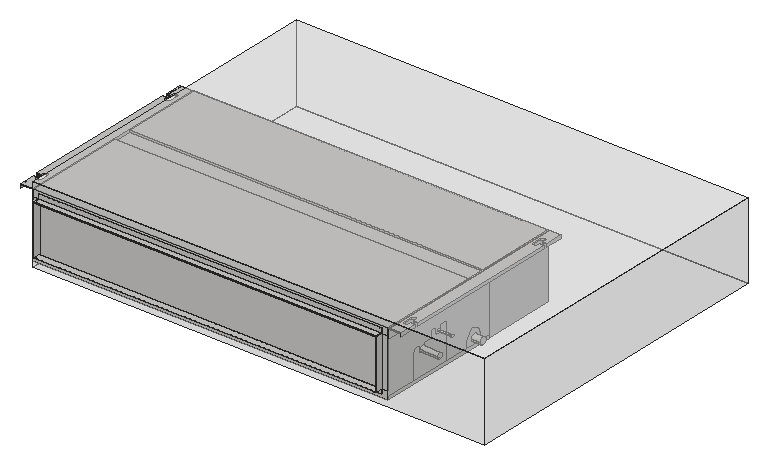
Revit family "outputfile", category 機械設備, Revit 2024
Family settings
  丸型コネクタ寸法 = 半径を使用
  パーツ タイプ = 標準
  OmniClass 番号 = 23.75.10.24.21.27.27
  OmniClass タイトル = Split System Air Conditioning Units
  作業面ベース = いいえ
  常に垂直 = はい
  ロード時にボイドで切り取り = いいえ
  注釈の向きを維持 = いいえ
  共有 = いいえ
  部屋計算ポイント = はい
Parameters (values of type "CDXM71RVM4")
  Description = ""
  書き出し IFC クラス(タイプ) = "IfcUnitaryEquipmentType"
  定義済み IFC タイプ(タイプ) = "AIRCONDITIONINGUNIT"
  Cost = 0
  Type Comments = ""
  Keynote = ""
  Type Image = (empty or 0)
  Assembly Code = ""
  switch_frequency = yes
  ld_powersupply = Depth / 2  # 310.0 mm
  製造元 = "Daikin"
  モデル = "CDXM71RVM4"
  r_Liquid Pipe Size = Liquid Pipe Size / 2  # 3.2 mm
  r_Gas Pipe Size = Gas Pipe Size / 2  # 7.95 mm
  r_Drain Pipe Size = Drain Pipe Size / 2  # 10.0 mm
  lw_powersupply = 50.0 mm  # constant formula
  lw_ductflange2 = 1020.0 mm
  lw_Width = 1060.0 mm
  lh_suctionflange [instance] = 100.0 mm  # constant formula
  ld_suctionflange [instance] = if(Rear Connection_Return Air, 190.0 mm, 100.0 mm)  # 190.0 mm
  connector_voltage = Voltage_50Hz  # 230 V
  connector_powerinput = if([Power Input (Cooling)] > [Power Input (Heating)], [Power Input (Cooling)], [Power Input (Heating)])  # 0.000 kW
  connector_phase = Phase_50Hz  # 1
  angle_vertical_RA [instance] = if(Rear Connection_Return Air, 90.00°, 0.00°)  # 90.00°
  angle horizontal_RA [instance] = if(Rear Connection_Return Air, 180.00°, 270.00°)  # 180.00°
  Voltage_comment_50Hz = "220 - 240"
  Voltage_50Hz = 230 V
  URL = ""
  Supply Air Direction [instance] = yes
  Sound Power Level_H speed (dB) = 0
  Rear Connection_Return Air [instance] = not(Bottom Connection_Return Air)  # yes
  RA_length [instance] = if(Rear Connection_Return Air, 190.0 mm, 100.0 mm)  # 190.0 mm
  Phase_50Hz = 1
  Minimum External Static Pressure = 0.00 Pa
  Minimum Circuit Amps_50Hz = 0.0 A
  Maximum Fuse Amps_50Hz = 0.0 A
  Maximum External Static Pressure = 40.00 Pa
  Material_Casing = DAIKIN_GalvanizedSteel_Casing_indoorunit
  lw_liquidpipe = 46.0 mm  # constant formula
  lw_gaspipe = 57.0 mm  # constant formula
  lw_mountinghole = 1140.0 mm
  lw_drainpipe = 30.0 mm  # constant formula
  lh_powersupply = 150.0 mm  # constant formula
  lh_liquidpipe = 90.0 mm  # constant formula
  lh_gaspipe = 113.0 mm  # constant formula
  lh_mountinghole = Height  # 200.0 mm
  lh_drainpipe = 170.0 mm  # constant formula
  lh_antena = 1.0 mm  # constant formula
  ld_liquidpipe = 193.0 mm  # constant formula
  ld_gaspipe = 130.0 mm  # constant formula
  ld_mountinghole = 500.0 mm  # constant formula
  ld_drainpipe = 330.0 mm  # constant formula
  ld_controlbox = 626.0 mm  # constant formula
  h*** = 0.0 mm  # constant formula
  d_dischargeflange = 21.2 mm  # constant formula
  Width = 1100.0 mm
  Version = "ver.1.0"
  Unit Type = "Duct (L.S.P)"
  Unit Mass Weight = 30.00 kg
  Unit Designation [instance] = ""
  Uniclass2015Version = "Products v1.30"
  Uniclass2015Title = "Split coil room air conditioning units"
  Uniclass2015Code = "Pr_70_65_03_86"
  Total Heating Capacity [instance] = 0.000 kW
  Total Cooling Capacity [instance] = 0.000 kW
  Sound Pressure Level_M speed (dBA) = 36
  Sound Pressure Level_L speed (dBA) = 34
  Sound Pressure Level_H speed (dBA) = 38
  Series = "Multi Split_Fan Coil Unit"
  Sensible Cooling Capacity [instance] = 0.000 kW
  SA Duct Size Width = 1060.0 mm
  SA Duct Size Height = 153.0 mm
  Refrigerant Type = "R32"
  RA Duct Size Width = 980.0 mm
  RA Duct Size Height = 160.0 mm
  Power Input (Heating) = 0.000 kW
  Power Input (Cooling) = 0.000 kW
  Option Accessory 3 [instance] = ""
  Option Accessory 2 [instance] = ""
  Option Accessory 1 [instance] = ""
  Nominal Heating Capacity = 8.600 kW
  Nominal Cooling Capacity = 7.100 kW
  Minimum Airflow = 810.00 m³/h
  Median Airflow = 888.00 m³/h
  Maximum Airflow = 960.00 m³/h
  Load Classification = HVAC
  Liquid Pipe Size = 6.4 mm
  Link_Nested Family [instance] = ""
  IfcVersion = ""
  IfcExportType = "AIRCONDITIONINGUNIT"
  IfcExportAs = "IfcUnitaryEquipmentType"
  Height = 200.0 mm
  Heating Entering Wet Bulb Temperature [instance] = 0.00 °C
  Heating Entering Dry Bulb Temperature [instance] = 0.00 °C
  Heating Ambient Wet Bulb Temperature [instance] = 0.00 °C
  Heating Ambient Dry Bulb Temperature [instance] = 0.00 °C
  Heat Exchanger Type = "Cross Fin Coil"
  Gas Pipe Size = 15.9 mm
  Frequency_50Hz = 50 Hz
  Fan Type = "Sirocco Fan"
  Fan Drive = "Direct Drive"
  FCU Tag No. [instance] = ""
  Drain Pipe Size = 20.0 mm
  Design Supply Airflow [instance] = 0.00 m³/h
  Design Return Airflow [instance] = 0.00 m³/h
  Design External Static Pressure [instance] = 0.00 Pa
  Depth = 620.0 mm
  既定の高さ = 0.0 mm
  Cooling Entering Wet Bulb Temperature [instance] = 0.00 °C
  Cooling Entering Dry Bulb Temperature [instance] = 0.00 °C
  Cooling Ambient Wet Bulb Temperature [instance] = 0.00 °C
  Cooling Ambient Dry Bulb Temperature [instance] = 0.00 °C
  Clearance visibility [instance] = yes
  Clearance Top = 20.0 mm
  Clearance Right = 300.0 mm
  Clearance Rear = 400.0 mm
  Clearance Left = 0.0 mm
  Clearance Front = 0.0 mm
  Clearance Bottom = 20.0 mm
  Bottom Connection_Return Air [instance] = no
Reference planes
  plane 1 "Center (Front/Back)": y = 0
  plane 2: z = 0
  plane 3 "Center (Left/Right)": x = 0
  plane 4 "Back": y = 310
  plane 5 "Front": y = -310
  plane 6 "Left": x = -550
  plane 7 "Right": x = 550
  plane 8 "Top": z = 0
  plane 9 "Bottom": z = -200
  plane 10: x = -570
  plane 11: x = 570
  plane 12: y = 250
  plane 13: z = 0
  plane 14 "Clearance Left": x = -550
  plane 15 "Clearance Right": x = 850
  plane 16 "Clearance Rear": y = 710
  plane 17 "Clearance Front": y = -310
  plane 18 "Clearance Top": z = 20
  plane 19 "Clearance Bottom": z = -220
  plane 20: y = -250
  plane 21: z = -21
  plane 22: z = -97.5
  plane 23: x = -40
  plane 24: y = 120
  plane 25: z = -100
  plane 26: y = -180
  plane 27: z = -113
  plane 28: y = -117
  plane 29: z = -90
  plane 30: y = 20
  plane 31: z = -170
  plane 32: x = 607
  plane 33: x = 596
  plane 34: x = 580
  plane 35: x = 500
  plane 36: z = -150
Forms (mm)
  Extrusion 1, solid, material "DAIKIN_GalvanizedSteel_Casing_indoorunit" <- "Material_Casing"
    sketch origin (0, 0, 0) x (1, 0, 0) y (0, 1, 0)
      loop
        line (-550, -310) -> (550, -310) -> (550, 310) -> (-550, 310) -> (-550, -310)
    from -200 to 0
  Extrusion 2, void
    sketch origin (0, 0, 1) x (1, 0, 0) y (0, 1, 0)
      loop
        line (-550, 61.5) -> (-550, 3.5) -> (550, 3.5) -> (550, 61.5) -> (-550, 61.5)
    from -1 to -7
  Extrusion 3, solid, material "DAIKIN_GalvanizedSteel_Casing_indoorunit" <- "Material_Casing", visible <- "Bottom Connection_Return Air"
    sketch origin (0, 0, 0) x (1, 0, 0) y (0, 0, 1)
      loop
        line (469, -200) -> (469, -1) -> (-549, -1) -> (-549, -200) -> (469, -200)
    from -310 to -309
  Extrusion 4, solid, material "DAIKIN_GalvanizedSteel_Casing_indoorunit" <- "Material_Casing", visible <- "Rear Connection_Return Air"
    sketch origin (0, 0, 0) x (1, 0, 0) y (0, 1, 0)
      loop
        line (-549, 310) -> (-549, 111) -> (469, 111) -> (469, 310) -> (-549, 310)
    from -200 to -199
  Extrusion 5, solid, material "DAIKIN_GalvanizedSteel_Casing_indoorunit" <- "Material_Casing"
    sketch origin (550, 0, 0) x (0, 1, 0) y (0, 0, 1)
      loop
        circle (-180, -113) r 7.95
    from 0 to 57
  Extrusion 6, solid, material "DAIKIN_GalvanizedSteel_Casing_indoorunit" <- "Material_Casing"
    sketch origin (550, 0, 0) x (0, 1, 0) y (0, 0, 1)
      loop
        circle (-117, -90) r 3.2
    from 0 to 46
  Extrusion 7, solid, material "DAIKIN_GalvanizedSteel_Casing_indoorunit" <- "Material_Casing"
    sketch origin (550, 0, 0) x (0, 1, 0) y (0, 0, 1)
      loop
        circle (20, -170) r 10
    from 0 to 30
  Extrusion 8, solid, material "DAIKIN_GalvanizedSteel_Casing_indoorunit" <- "Material_Casing"
    sketch origin (550, 0, 0) x (0, 1, 0) y (0, 0, 1)
      loop
        line (-310, -200) -> (78.6, -200) -> (78.6, -193)
        arc (78.6, -193) -> (77.721, -190.879) -> (75.6, -190) r 3
        line (75.6, -190) -> (-310, -190) -> (-310, -200)
    from 0 to -1
  Extrusion 9, solid, material "DAIKIN_GalvanizedSteel_Casing_indoorunit" <- "Material_Casing"
    sketch origin (550, 0, 0) x (0, 1, 0) y (0, 0, 1)
      loop
        line (-210, -190) -> (-85.6, -190) -> (-85.6, -83)
        arc (-85.6, -83) -> (-86.479, -80.879) -> (-88.6, -80) r 3
        line (-88.6, -80) -> (-102, -80)
        arc (-102, -80) -> (-104.121, -80.879) -> (-105, -83) r 3
        line (-105, -83) -> (-105, -90)
        arc (-105, -90) -> (-117, -102) -> (-129, -90) r 12
        line (-129, -90) -> (-129, -83)
        arc (-129, -83) -> (-129.879, -80.879) -> (-132, -80) r 3
        line (-132, -80) -> (-136.1, -80)
        arc (-136.1, -80) -> (-138.221, -80.879) -> (-139.1, -83) r 3
        line (-139.1, -83) -> (-139.1, -102.7) -> (-165, -102.7)
        arc (-165, -102.7) -> (-167.121, -103.579) -> (-168, -105.7) r 3
        line (-168, -105.7) -> (-168, -113)
        arc (-168, -113) -> (-180, -125) -> (-192, -113) r 12
        line (-192, -113) -> (-192, -105.7)
        arc (-192, -105.7) -> (-192.879, -103.579) -> (-195, -102.7) r 3
        line (-195, -102.7) -> (-207, -102.7)
        arc (-207, -102.7) -> (-209.121, -103.579) -> (-210, -105.7) r 3
        line (-210, -105.7) -> (-210, -190)
    from 0 to -1
  Extrusion 10, solid, material "DAIKIN_GalvanizedSteel_Casing_indoorunit" <- "Material_Casing"
    sketch origin (550, 0, 0) x (0, 1, 0) y (0, 0, 1)
      loop
        arc (44.5, -170) -> (20, -145.5) -> (-4.5, -170) r 24.5
        line (-4.5, -170) -> (-4.5, -190) -> (44.5, -190) -> (44.5, -170)
    from 0 to -1
  Extrusion 11, solid, material "DAIKIN_GalvanizedSteel_Casing_indoorunit" <- "Material_Casing"
    sketch origin (550, 0, 0) x (0, 1, 0) y (0, 0, 1)
      loop
        arc (86.6, -22) -> (84.479, -22.879) -> (83.6, -25) r 3
        line (83.6, -25) -> (83.6, -194.5)
        arc (83.6, -194.5) -> (84.479, -196.621) -> (86.6, -197.5) r 3
        line (86.6, -197.5) -> (307, -197.5)
        arc (307, -197.5) -> (309.121, -196.621) -> (310, -194.5) r 3
        line (310, -194.5) -> (310, -25)
        arc (310, -25) -> (309.121, -22.879) -> (307, -22) r 3
        line (307, -22) -> (86.6, -22)
    from 0 to -1
Cuts and joins
  Extrusion 2 cuts Extrusion 1
Dimensions and locks
  "Height": plane 8 "Top" to plane 9 "Bottom"
  equal spacing: plane 10, plane 3 "Center (Left/Right)", plane 11
  "lw_mountinghole": plane 10 to plane 11
  equal spacing: plane 6 "Left", plane 3 "Center (Left/Right)", plane 7 "Right"
  "Width": plane 6 "Left" to plane 7 "Right"
  "Clearance Right": plane 7 "Right" to plane 15 "Clearance Right"
  "Clearance Left": plane 14 "Clearance Left" to plane 6 "Left"
  "Clearance Rear": plane 16 "Clearance Rear" to plane 4 "Back"
  "Clearance Front": plane 5 "Front" to plane 17 "Clearance Front"
  "Clearance Top": plane 18 "Clearance Top" to plane 8 "Top"
  "Clearance Bottom": plane 9 "Bottom" to plane 19 "Clearance Bottom"
  "Depth": plane 4 "Back" to plane 5 "Front"
  equal spacing: plane 4 "Back", plane 1 "Center (Front/Back)", plane 5 "Front"
  Extrusion 3 sketch curve to Extrusion 3 sketch curve = 199.0 mm
  locked: plane 20 to plane 5 "Front" at 60
  "ld_mountinghole": plane 12 to plane 20
  locked: plane 8 "Top" to plane 21 at 21
  locked: plane 23 to plane 3 "Center (Left/Right)" at 40
  "ld_suctionflange": plane 4 "Back" to plane 24
  "lh_suctionflange": plane 8 "Top" to plane 25
  "ld_gaspipe": plane 26 to plane 5 "Front"
  "lh_gaspipe": plane 8 "Top" to plane 27
  "ld_liquidpipe": plane 28 to plane 5 "Front"
  "lh_liquidpipe": plane 8 "Top" to plane 29
  "ld_drainpipe": plane 30 to plane 5 "Front"
  "lh_drainpipe": plane 8 "Top" to plane 31
  "lw_gaspipe": plane 7 "Right" to plane 32
  "lw_liquidpipe": plane 7 "Right" to plane 33
  "lw_drainpipe": plane 7 "Right" to plane 34
  "lw_powersupply": plane 35 to plane 7 "Right"
  "lh_powersupply": plane 8 "Top" to plane 36
  "r_Gas Pipe Size": radius of Extrusion 5 sketch curve
  "r_Liquid Pipe Size": radius of Extrusion 6 sketch curve
  "r_Drain Pipe Size": radius of Extrusion 7 sketch curve
  aligned and locked: level to plane 2
  aligned and locked: Extrusion 1 to plane 9 "Bottom"
  aligned and locked: plane 8 "Top" to Extrusion 1
  aligned and locked: plane 11 to nested 2
  aligned and locked: plane 10 to nested 3
  aligned and locked: plane 10 to nested 4
  aligned and locked: plane 8 "Top" to Extrusion 2
  aligned and locked: plane 9 "Bottom" to Extrusion 4  (x2)
  aligned and locked: plane 7 "Right" to cut or joined group of Extrusion 1, Extrusion 2  (x2)
  aligned and locked: plane 3 "Center (Left/Right)" to nested 9
  aligned and locked: plane 6 "Left" to nested 7
  aligned and locked: plane 8 "Top" to nested 9
  aligned and locked: plane 11 to nested 1
  aligned and locked: nested 6 to plane 1 "Center (Front/Back)"
  aligned and locked: plane 3 "Center (Left/Right)" to nested 6
  aligned and locked: level to plane 8 "Top"
  aligned and locked: plane 1 "Center (Front/Back)" to nested 9
  aligned and locked: plane 5 "Front" to nested 10
  aligned and locked: Extrusion 1 sketch curve to plane 5 "Front"
  aligned and locked: plane 21 to nested 10
  aligned and locked: nested 5 to plane 5 "Front"
  aligned and locked: plane 3 "Center (Left/Right)" to nested 5
  aligned and locked: plane 22 to nested 5
  aligned and locked: Extrusion 2 sketch curve to plane 6 "Left"
  aligned and locked: plane 7 "Right" to Extrusion 2 sketch curve
  aligned and locked: nested 11 to plane 23
  aligned and locked: nested 11 to plane 24
  aligned and locked: plane 27 to Extrusion 5 sketch curve
  aligned and locked: plane 26 to Extrusion 5 sketch curve
  aligned and locked: plane 28 to Extrusion 6 sketch curve
  aligned and locked: plane 29 to Extrusion 6 sketch curve
  aligned and locked: plane 31 to Extrusion 7 sketch curve
  aligned and locked: plane 30 to Extrusion 7 sketch curve
  aligned and locked: plane 26 to nested 12
  aligned and locked: nested 12 to plane 27
  aligned and locked: plane 32 to Extrusion 5
  aligned and locked: plane 32 to nested 12
  aligned and locked: plane 33 to Extrusion 6
  aligned and locked: plane 28 to nested 13
  aligned and locked: nested 13 to plane 29
  aligned and locked: plane 33 to nested 13
  aligned and locked: plane 34 to Extrusion 7
  aligned and locked: plane 30 to nested 14
  aligned and locked: nested 14 to plane 31
  aligned and locked: plane 34 to nested 14
  aligned and locked: Extrusion 8 sketch curve to plane 9 "Bottom"
  aligned and locked: Extrusion 8 sketch curve to plane 5 "Front"
  aligned and locked: plane 14 "Clearance Left" to nested 15
  aligned and locked: plane 15 "Clearance Right" to nested 15
  aligned and locked: plane 16 "Clearance Rear" to nested 15
  aligned and locked: nested 15 to plane 17 "Clearance Front"
  aligned and locked: nested 15 to plane 18 "Clearance Top"
  aligned and locked: nested 15 to plane 19 "Clearance Bottom"
  aligned and locked: nested 16 to plane 35
  aligned and locked: nested 16 to plane 36
  aligned and locked: plane 4 "Back" to nested 16
Automatic sketch dimensions
  Extrusion 1 sketch curve to plane 4 "Back" = 0.0 mm
  Extrusion 1 sketch curve to plane 6 "Left" = 0.0 mm
  Extrusion 1 sketch curve to plane 7 "Right" = 0.0 mm
  Extrusion 4 sketch curve to plane 4 "Back" = 0.0 mm
  plane 6 "Left" to Extrusion 3 sketch curve = 1.0 mm
  plane 6 "Left" to Extrusion 4 sketch curve = 1.0 mm
  Extrusion 4 sketch curve to plane 1 "Center (Front/Back)" = 111.0 mm
  Extrusion 3 sketch curve to plane 9 "Bottom" = 0.0 mm
  Extrusion 3 sketch curve to plane 7 "Right" = 81.0 mm
  Extrusion 4 sketch curve to plane 7 "Right" = 81.0 mm
  Extrusion 2 sketch curve to plane 1 "Center (Front/Back)" = 3.5 mm
  Extrusion 2 sketch curve to Extrusion 2 sketch curve = 58.0 mm
  plane 9 "Bottom" to Extrusion 8 sketch curve = 7.0 mm
  Extrusion 8 sketch curve to plane 24 = 44.4 mm
  Extrusion 8 sketch curve to Extrusion 8 sketch curve = 3.0 mm
  Extrusion 9 sketch curve to plane 27 = 0.0 mm
  Extrusion 9 sketch curve to plane 26 = 0.0 mm
  Extrusion 9 sketch curve to plane 29 = 0.0 mm
  Extrusion 9 sketch curve to plane 28 = 0.0 mm
  Extrusion 9 sketch curve to plane 26 = 12.0 mm
  Extrusion 9 sketch curve to plane 25 = 2.7 mm  (x2)
  Extrusion 9 sketch curve to Extrusion 9 sketch curve = 3.0 mm  (x6)
  Extrusion 9 sketch curve to Extrusion 9 sketch curve = 12.0 mm
  plane 9 "Bottom" to Extrusion 9 sketch curve = 10.0 mm
  Extrusion 9 sketch curve to plane 26 = 30.0 mm
  Extrusion 9 sketch curve to plane 28 = 22.1 mm
  Extrusion 9 sketch curve to Extrusion 9 sketch curve = 4.1 mm
  plane 29 to Extrusion 9 sketch curve = 7.0 mm  (x2)
  Extrusion 9 sketch curve to Extrusion 9 sketch curve = 13.4 mm
  Extrusion 10 sketch curve to plane 30 = 0.0 mm
  Extrusion 10 sketch curve to plane 31 = 0.0 mm
  plane 1 "Center (Front/Back)" to Extrusion 10 sketch curve = 4.5 mm
  plane 9 "Bottom" to Extrusion 10 sketch curve = 10.0 mm
  Extrusion 11 sketch curve to plane 4 "Back" = 0.0 mm
  Extrusion 11 sketch curve to Extrusion 11 sketch curve = 3.0 mm  (x3)
  Extrusion 11 sketch curve to plane 21 = 1.0 mm
  Extrusion 11 sketch curve to plane 21 = 4.0 mm
  Extrusion 11 sketch curve to plane 24 = 33.4 mm
  plane 9 "Bottom" to Extrusion 11 sketch curve = 5.5 mm
Nested families
  nested 1: "daikin_mountinghole" at (570, 250, -200), l_antenna <- "lh_antena", Link_Nested Family <- "Link_Nested Family", h_mountinghole <- "lh_mountinghole", type "daikin_mountinghole"
    with show yes, l_antenna 1.0 mm, h_mountinghole 200.0 mm, Link_Nested Family ""
  nested 2: "daikin_mountinghole" at (570, -250, -200), Link_Nested Family <- "Link_Nested Family", l_antenna <- "lh_antena", h_mountinghole <- "lh_mountinghole", type "daikin_mountinghole"
    with show yes, l_antenna 1.0 mm, h_mountinghole 200.0 mm, Link_Nested Family ""
  nested 3: "daikin_mountinghole" at (-570, -250, -200), l_antenna <- "lh_antena", Link_Nested Family <- "Link_Nested Family", h_mountinghole <- "lh_mountinghole", type "daikin_mountinghole"
    with show yes, l_antenna 1.0 mm, h_mountinghole 200.0 mm, Link_Nested Family ""
  nested 4: "daikin_mountinghole" at (-570, 250, -200), l_antenna <- "lh_antena", Link_Nested Family <- "Link_Nested Family", h_mountinghole <- "lh_mountinghole", type "daikin_mountinghole"
    with show yes, l_antenna 1.0 mm, h_mountinghole 200.0 mm, Link_Nested Family ""
  nested 5: "daikin_connector_rotate2" at (0, -310, -97.5), length <- "d_dischargeflange", type "daikin_connector_rotate2"
    with radius 10.0 mm, length 21.2 mm, angle_vertical 90.00°, show_face no
  nested 6: "daikin_△_symbolicline" at (-75, -129.904, 200) x (-0.5, 0.866, 0) z (0, 0, 1), built-in parameter 1001364 <- "Height", visible <- "Supply Air Direction", type "daikin_△_symbolicline"
    with length 300.0 mm
  nested 7: "daikin_ductflange_CDXM-RVM4_1" at (-40, 310, -100), visible <- "Rear Connection_Return Air", material <- "Material_Casing", width <- "lw_ductflange2", type "daikin_ductflange_CDXM-RVM4_1"
    with width 1020.0 mm, material DAIKIN_GalvanizedSteel_Casing_indoorunit, height 180.0 mm, depth 21.2 mm
  nested 8: "daikin_ductflange_CDXM-RVM4_1" at (-40, 210, -200) x (1, 0, 0) z (0, 1, 0), visible <- "Bottom Connection_Return Air", material <- "Material_Casing", width <- "lw_ductflange2", type "daikin_ductflange_CDXM-RVM4_1"
    with width 1020.0 mm, material DAIKIN_GalvanizedSteel_Casing_indoorunit, height 180.0 mm, depth 21.2 mm
  nested 9: "daikin_hangerfixture_CDXM-RVM4" at (0, 0, 0), type "daikin_hangerfixture_CDXM-RVM4"
    with width 1100.0 mm
  nested 10: "daikin_ductflange_CDXM-RVM4" at (0, 3.5, -364.201), width <- "lw_Width", material <- "Material_Casing", type "daikin_ductflange_CDXM-RVM4"
    with width 1060.0 mm, material DAIKIN_GalvanizedSteel_Casing_indoorunit, height 155.0 mm, depth 21.2 mm
  nested 11: "daikin_connector_rotate3" at (-40, 120, -100), length <- "RA_length", angle_vertical <- "angle_vertical_RA", angle_horizontal <- "angle horizontal_RA", type "daikin_connector_rotate3"
    with show no, radius 10.0 mm, length 190.0 mm, angle_vertical 90.00°, angle_horizontal 180.00°
  nested 12: "daikin_connector_rotate2" at (550, -180, -113) x (0, 1, 0) z (0, 0, 1), length <- "lw_gaspipe", radius <- "r_Gas Pipe Size", type "daikin_connector_rotate2"
    with radius 7.95 mm, length 57.0 mm, angle_vertical 90.00°, show_face no
  nested 13: "daikin_connector_rotate2" at (550, -117, -90) x (0, 1, 0) z (0, 0, 1), radius <- "r_Liquid Pipe Size", length <- "lw_liquidpipe", type "daikin_connector_rotate2"
    with radius 3.2 mm, length 46.0 mm, angle_vertical 90.00°, show_face no
  nested 14: "daikin_connector_rotate2" at (550, 20, -170) x (0, 1, 0) z (0, 0, 1), radius <- "r_Drain Pipe Size", length <- "lw_drainpipe", type "daikin_connector_rotate2"
    with radius 10.0 mm, length 30.0 mm, angle_vertical 90.00°, show_face no
  nested 15: "daikin_clearancespace" at (150, 200, -99.881), visible <- "Clearance visibility", Link_Nested Family <- "Link_Nested Family", show <- "Clearance visibility", type "daikin_clearancespace"
    with width 1400.0 mm, show yes, height 240.0 mm, depth 1020.0 mm, Link_Nested Family ""
  nested 16: "daikin_connector_rotate2" at (500, 0, -150) x (-1, 0, 0) z (0, 0, 1), length <- "ld_powersupply", type "daikin_connector_rotate2"
    with radius 10.0 mm, length 310.0 mm, angle_vertical 90.00°, show_face no
Connectors
  hvac at (0, -331.2, -97.5), driven by "SA Duct Size Height", driven by "SA Duct Size Width"
    settings: on nested 5, index 1, duct flow 0.00 m³/h, flow factor 0, pres drop 0.00 Pa, loss coef 0, conn angle 0.00°, conn width 1060.0 mm, conn height 153.0 mm, conn diameter 609.6 mm, duct sys type 1, conn prof type 1, flow config 0, flow direction 2, loss method 4, conn ref index -1, conn util no, is conn primary yes, conn desc "SA Duct"
  hvac at (-40, 310, -100), driven by "RA Duct Size Height", driven by "RA Duct Size Width"
    settings: on nested 11, index 2, duct flow 0.00 m³/h, flow factor 0, pres drop 0.00 Pa, loss coef 0, conn angle 0.00°, conn width 980.0 mm, conn height 160.0 mm, conn diameter 609.6 mm, duct sys type 2, conn prof type 1, flow config 0, flow direction 1, loss method 4, conn ref index -1, conn util no, is conn primary no, conn desc "RA Duct"
  piping at (607, -180, -113), diameter 15.9, driven by "r_Gas Pipe Size"
    settings: on nested 12, index 3, connector inside diameter 609.6 mm, connector length 0.0 mm, flow factor 0, pipe flow 0.00 m³/h, pressure drop 0.0 Pa, fitting loss kfactor 0, connector angle 0.00°, fixture units 0, engagement length 0.0 mm, angle of deflection 0.00°, flow configuration 1, flow direction 2, fitting loss method 0, system type 29, joint type 0, gender type 0, connector reference index -1, connector utility 0, adjustable connector no, is connector primary yes, connector description "Refrigerant Gas Piping"
  piping at (596, -117, -90), diameter 6.4, driven by "r_Liquid Pipe Size"
    settings: on nested 13, index 4, connector inside diameter 609.6 mm, connector length 0.0 mm, flow factor 0, pipe flow 0.00 m³/h, pressure drop 0.0 Pa, fitting loss kfactor 0, connector angle 0.00°, fixture units 0, engagement length 0.0 mm, angle of deflection 0.00°, flow configuration 1, flow direction 1, fitting loss method 0, system type 29, joint type 0, gender type 0, connector reference index -1, connector utility 0, adjustable connector no, is connector primary no, connector description "Refrigerant Liquid Piping"
  piping at (580, 20, -170), diameter 20, driven by "r_Drain Pipe Size"
    settings: on nested 14, index 5, connector inside diameter 609.6 mm, connector length 0.0 mm, flow factor 0, pipe flow 0.00 m³/h, pressure drop 0.0 Pa, fitting loss kfactor 0, connector angle 0.00°, fixture units 0, engagement length 0.0 mm, angle of deflection 0.00°, flow configuration 1, flow direction 2, fitting loss method 4, system type 16, joint type 0, gender type 0, connector reference index -1, connector utility 0, adjustable connector no, is connector primary no, connector description "Condensate Drain Piping"
  electrical at (500, 310, -150), driven by "Load Classification", driven by "connector_phase", driven by "connector_voltage", driven by "connector_powerinput"
    settings: on nested 16, index 6, voltage 230 V, apparent load 0 VA, apparent load phase1 0 VA, apparent load phase2 0 VA, apparent load phase3 0 VA, power factor 1, load classification "HVAC", number of poles 1, system type 30, power factor state 1, is connector primary yes, connector utility no, sub classification motor no, connector description "Power Supply"
Definition of nested family "daikin_ductflange_CDXM-RVM4_1"
  Parameters (values of type "daikin_ductflange_CDXM-RVM4_1")
    width [instance] = 620.0 mm
    material [instance] = none
    height [instance] = 180.0 mm
    depth [instance] = 21.2 mm
    Default Elevation = 0.0 mm
  Reference planes
    plane 1 "Center (Front/Back)": y = 0
    plane 2: z = 0
    plane 3 "Center (Left/Right)": x = 0
    plane 4: x = -310
    plane 5: x = 310
    plane 6: z = 90
    plane 7: z = -90
    plane 8: z = 100
    plane 9: z = -100
    plane 10: x = -309
    plane 11: x = 309
  Forms (mm)
    Extrusion 1, solid, material <- "material"
      sketch origin (0, 0, 0) x (1, 0, 0) y (0, 0, 1)
        loop
          line (-290, 80) -> (-290, -80) -> (290, -80) -> (290, 80) -> (-290, 80)
        loop
          line (-309, -99) -> (309, -99) -> (309, 99) -> (-309, 99) -> (-309, -99)
      from 0 to 1
  Dimensions and locks
    equal spacing: plane 5, plane 3 "Center (Left/Right)", plane 4, locked at 310 each
    "width": plane 5 to plane 4
    equal spacing: plane 6, level, plane 7, locked at 90 each
    "height": plane 6 to plane 7
    equal spacing: plane 8, level, plane 9, locked at 100 each
    locked: plane 8 to plane 9 at 200
    plane 10 to plane 4 = 1.0 mm
    locked: plane 5 to plane 11 at 1
    locked: Extrusion 1 sketch curve to Extrusion 1 sketch curve at 19  (x4)
    locked: plane 8 to Extrusion 1 sketch curve at 1
    locked: Extrusion 1 sketch curve to plane 9 at 1
    aligned and locked: level to plane 2
  Automatic sketch dimensions
    plane 4 to Extrusion 1 sketch curve = 1.0 mm
    Extrusion 1 sketch curve to plane 5 = 1.0 mm
Definition of nested family "daikin_hangerfixture_CDXM-RVM4"
  Parameters (values of type "daikin_hangerfixture_CDKS-EAVMA")
    width = 700.0 mm
    material = none
    height = 30.0 mm
    depth = 618.0 mm
    Default Elevation = 0.0 mm
  Reference planes
    plane 1 "Center (Front/Back)": y = 0
    plane 2: z = 0
    plane 3 "Center (Left/Right)": x = 0
    plane 4: x = 350
    plane 5: y = 309
    plane 6: y = -309
    plane 7: x = -350
    plane 8: z = -30
  Forms (mm)
    Extrusion 1, solid, material <- "material"
      sketch origin (0, 0, 0) x (1, 0, 0) y (0, 0, 1)
        loop
          line (350, 0) -> (350, -30) -> (352.3, -30) -> (352.3, -2.3) -> (387.7, -2.3) -> (387.7, -10) -> (390, -10) -> (390, 0) -> (350, 0)
      from -309 to 309
    Extrusion 2, void
      sketch origin (0, 0, 0) x (0, 1, 0) y (0, 0, 1)
        loop
          line (309, -30) -> (309, -17.979) -> (87.935, -17.979) -> (75.914, -30) -> (309, -30)
      from 0 to 450
    Extrusion 3, void
      sketch origin (0, 0, 0) x (1, 0, 0) y (0, 1, 0)
        loop
          line (390, -243.5) -> (377, -243.5) -> (377, -237)
          arc (377, -237) -> (370, -230) -> (363, -237) r 7
          line (363, -237) -> (363, -263)
          arc (363, -263) -> (370, -270) -> (377, -263) r 7
          line (377, -263) -> (377, -256.5) -> (390, -256.5) -> (390, -243.5)
        loop
          line (390, 243.5) -> (390, 256.5) -> (377, 256.5) -> (377, 263)
          arc (377, 263) -> (370, 270) -> (363, 263) r 7
          line (363, 263) -> (363, 237)
          arc (363, 237) -> (370, 230) -> (377, 237) r 7
          line (377, 237) -> (377, 243.5) -> (390, 243.5)
      from -254.96 to 618
    Extrusion 4, solid, material <- "material"
      sketch origin (0, 0, 0) x (-1, 0, 0) y (0, 0, -1)
        loop
          line (350, 0) -> (390, 0) -> (390, 10) -> (387.7, 10) -> (387.7, 2.3) -> (352.3, 2.3) -> (352.3, 30) -> (350, 30) -> (350, 0)
      from -309 to 309
    Extrusion 5, void
      sketch origin (0, 0, 0) x (-1, 0, 0) y (0, -1, 0)
        loop
          line (390, 243.5) -> (390, 256.5) -> (377, 256.5) -> (377, 263)
          arc (377, 263) -> (370, 270) -> (363, 263) r 7
          line (363, 263) -> (363, 237)
          arc (363, 237) -> (370, 230) -> (377, 237) r 7
          line (377, 237) -> (377, 243.5) -> (390, 243.5)
        loop
          line (390, -243.5) -> (377, -243.5) -> (377, -237)
          arc (377, -237) -> (370, -230) -> (363, -237) r 7
          line (363, -237) -> (363, -263)
          arc (363, -263) -> (370, -270) -> (377, -263) r 7
          line (377, -263) -> (377, -256.5) -> (390, -256.5) -> (390, -243.5)
      from -254.96 to 618
  Cuts and joins
    Extrusion 2, Extrusion 3, Extrusion 5 cuts Extrusion 1
    Extrusion 5 cuts Extrusion 4
  Dimensions and locks
    equal spacing: plane 5, plane 1 "Center (Front/Back)", plane 6
    "depth": plane 5 to plane 6
    plane 6 to plane 1 "Center (Front/Back)" to plane 5 = 309.0 mm, 309.0 mm
    equal spacing: plane 4, plane 3 "Center (Left/Right)", plane 7
    "width": plane 4 to plane 7
    "height": level to plane 8
    aligned and locked: level to plane 2
    aligned and locked: plane 5 to Extrusion 1
    aligned and locked: Extrusion 1 to plane 6
    aligned and locked: Extrusion 1 to plane 4
    aligned and locked: plane 5 to cut or joined group of Extrusion 1, Extrusion 2, Extrusion 3, Extrusion 5
    aligned and locked: cut or joined group of Extrusion 1, Extrusion 2, Extrusion 3, Extrusion 5 to plane 6
    aligned and locked: level to cut or joined group of Extrusion 1, Extrusion 2, Extrusion 3, Extrusion 5
    aligned and locked: cut or joined group of Extrusion 1, Extrusion 2, Extrusion 3, Extrusion 5 to plane 8
    aligned and locked: plane 5 to cut or joined group of Extrusion 4, Extrusion 5
    aligned and locked: cut or joined group of Extrusion 4, Extrusion 5 to plane 6
  Automatic sketch dimensions
    Extrusion 1 sketch curve to plane 4 = 0.0 mm
    Extrusion 1 sketch curve to plane 8 = 0.0 mm
    Extrusion 1 sketch curve to level = 0.0 mm
    plane 4 to Extrusion 1 sketch curve = 2.3 mm
    Extrusion 1 sketch curve to level = 2.3 mm
    Extrusion 1 sketch curve to Extrusion 1 sketch curve = 35.4 mm
    Extrusion 1 sketch curve to Extrusion 1 sketch curve = 2.3 mm
    Extrusion 1 sketch curve to Extrusion 1 sketch curve = 7.7 mm
    Extrusion 2 sketch curve to plane 8 = 0.0 mm
    Extrusion 2 sketch curve to plane 5 = 0.0 mm
    plane 8 to Extrusion 2 sketch curve = 12.021 mm
    Extrusion 2 sketch curve to plane 1 "Center (Front/Back)" = 87.935 mm
    Extrusion 2 sketch curve to Extrusion 2 sketch curve = 12.021 mm
    plane 4 to Extrusion 3 sketch curve = 13.0 mm  (x2)
    Extrusion 3 sketch curve to Extrusion 3 sketch curve = 7.0 mm  (x4)
    Extrusion 3 sketch curve to Extrusion 3 sketch curve = 13.0 mm  (x4)
    plane 6 to Extrusion 3 sketch curve = 46.0 mm
    Extrusion 3 sketch curve to Extrusion 3 sketch curve = 6.5 mm  (x4)
    Extrusion 3 sketch curve to plane 5 = 72.0 mm
    Extrusion 4 sketch curve to plane 7 = 0.0 mm
    Extrusion 4 sketch curve to plane 8 = 0.0 mm
    Extrusion 4 sketch curve to level = 0.0 mm
    Extrusion 4 sketch curve to plane 7 = 2.3 mm
    Extrusion 4 sketch curve to level = 2.3 mm
    Extrusion 4 sketch curve to Extrusion 4 sketch curve = 35.4 mm
    Extrusion 4 sketch curve to Extrusion 4 sketch curve = 2.3 mm
    Extrusion 4 sketch curve to Extrusion 4 sketch curve = 7.7 mm
    Extrusion 5 sketch curve to plane 7 = 13.0 mm  (x2)
    Extrusion 5 sketch curve to Extrusion 5 sketch curve = 7.0 mm  (x4)
    Extrusion 5 sketch curve to Extrusion 5 sketch curve = 13.0 mm  (x4)
    Extrusion 5 sketch curve to plane 5 = 46.0 mm
    Extrusion 5 sketch curve to Extrusion 5 sketch curve = 6.5 mm  (x4)
    plane 6 to Extrusion 5 sketch curve = 72.0 mm
Definition of nested family "daikin_ductflange_CDXM-RVM4"
  Parameters (values of type "daikin_ductflange_FXDQ-NDVET")
    width [instance] = 660.0 mm
    material [instance] = none
    height [instance] = 155.0 mm
    depth [instance] = 21.2 mm
    Default Elevation = 0.0 mm
  Reference planes
    plane 1 "Center (Front/Back)": y = 0
    plane 2: z = 189.201
    plane 3 "Center (Left/Right)": x = 0
    plane 4: y = -313.5
    plane 5: x = -330
    plane 6: x = 330
    plane 7: y = -334.7
    plane 8: z = 344.201
    plane 9: z = 266.701
    plane 10: z = 343.201
    plane 11: z = 190.201
  Forms (mm)
    Extrusion 1, solid, material <- "material"
      sketch origin (0, 0, 189.201) x (1, 0, 0) y (0, 1, 0)
        loop
          line (-330, -334.7) -> (-330, -313.5) -> (-350, -313.5) -> (-350, -314.5) -> (-331, -314.5) -> (-331, -334.7) -> (-330, -334.7)
        loop
          line (330, -334.7) -> (331, -334.7) -> (331, -314.5) -> (350, -314.5) -> (350, -313.5) -> (330, -313.5) -> (330, -334.7)
      from 1 to 154
    Extrusion 2, solid, material <- "material"
      sketch origin (0, 0, 0) x (0, 1, 0) y (0, 0, 1)
        loop
          line (-313.5, 343.201) -> (-313.5, 358.201) -> (-314.5, 358.201) -> (-314.5, 344.201) -> (-334.7, 344.201) -> (-334.7, 343.201) -> (-313.5, 343.201)
        loop
          line (-313.5, 190.201) -> (-334.7, 190.201) -> (-334.7, 189.201) -> (-314.5, 189.201) -> (-314.5, 175.201) -> (-313.5, 175.201) -> (-313.5, 190.201)
      from -330 to 330
  Dimensions and locks
    plane 4 to plane 1 "Center (Front/Back)" = 313.5 mm
    "depth": plane 7 to plane 4
    equal spacing: plane 8, plane 9, level
    "height": plane 8 to level
    equal spacing: plane 6, plane 3 "Center (Left/Right)", plane 5
    "width": plane 6 to plane 5
    locked: plane 8 to plane 10 at 1
    locked: plane 11 to level at 1
    locked: Extrusion 1 to Extrusion 2 sketch curve at 1
    locked: Extrusion 2 sketch curve to Extrusion 1 at 1
    plane 10 to plane 11 = 153.0 mm
    aligned and locked: level to plane 2
    aligned and locked: Extrusion 2 to plane 5
    aligned and locked: Extrusion 2 to plane 11
    aligned and locked: Extrusion 2 to plane 10
    aligned and locked: plane 6 to Extrusion 2
    aligned and locked: plane 5 to Extrusion 2  (x2)
    aligned and locked: plane 5 to Extrusion 1  (x2)
    aligned and locked: Extrusion 1 to plane 6
    aligned and locked: plane 6 to Extrusion 1
    aligned and locked: Extrusion 1 to plane 10
  Automatic sketch dimensions
    Extrusion 2 sketch curve to plane 7 = 0.0 mm  (x2)
    Extrusion 2 sketch curve to plane 4 = 0.0 mm  (x2)
    Extrusion 2 sketch curve to plane 11 = 0.0 mm
    Extrusion 2 sketch curve to plane 10 = 0.0 mm
    Extrusion 2 sketch curve to plane 4 = 1.0 mm  (x2)
    Extrusion 2 sketch curve to level = 14.0 mm
    plane 8 to Extrusion 2 sketch curve = 14.0 mm
    Extrusion 1 sketch curve to plane 4 = 0.0 mm  (x2)
    Extrusion 1 sketch curve to plane 7 = 0.0 mm  (x2)
    Extrusion 1 sketch curve to plane 5 = 0.0 mm
    Extrusion 1 sketch curve to plane 6 = 0.0 mm
    Extrusion 1 sketch curve to plane 5 = 1.0 mm
    Extrusion 1 sketch curve to Extrusion 1 sketch curve = 19.0 mm  (x2)
    Extrusion 1 sketch curve to Extrusion 1 sketch curve = 1.0 mm
    Extrusion 1 sketch curve to plane 4 = 1.0 mm  (x2)
Definition of nested family "daikin_clearancespace"
  Parameters (values of type "daikin_clearancespace")
    Description = "daikin_clearancespace"
    width [instance] = 1823.963 mm
    show [instance] = yes
    material = none
    height [instance] = 1359.762 mm
    depth [instance] = 880.0 mm
    Default Elevation = 0.0 mm
    Link_Nested Family [instance] = ""
  Reference planes
    plane 1 "Center (Front/Back)": y = 0
    plane 2 "Center (Elevation)": z = -0.119
    plane 3 "Center (Left/Right)": x = 0
    plane 4: y = 440
    plane 5: y = -440
    plane 6 "Right": x = 911.982
    plane 7 "Left": x = -911.982
    plane 8 "Top": z = 679.762
    plane 9 "Bottom": z = -680
  Forms (mm)
    Extrusion 1, solid, material <- "material", visible <- "show"
      sketch origin (0, 0, 0) x (1, 0, 0) y (0, 1, 0)
        loop
          line (-911.982, 440) -> (-911.982, -440) -> (911.982, -440) -> (911.982, 440) -> (-911.982, 440)
      from -680 to 679.762
  Lines and regions (mm)
    symbolic lines, visible <- "show"
      curve 1: line (911.982, 440, 0) -> (-911.982, 440, 0)
      curve 2: line (-911.982, 440, 0) -> (-911.982, -440, 0)
      curve 3: line (-911.982, -440, 0) -> (911.982, -440, 0)
      curve 4: line (911.982, -440, 0) -> (911.982, 440, 0)
      curve 5: line (911.982, 0, 679.762) -> (-911.982, 0, 679.762)
      curve 6: line (911.982, 0, -680) -> (911.982, 0, 679.762)
      curve 7: line (-911.982, 0, -680) -> (911.982, 0, -680)
      curve 8: line (-911.982, 0, 679.762) -> (-911.982, 0, -680)
      curve 9: line (0, 440, 679.762) -> (0, -440, 679.762)
      curve 10: line (0, -440, 679.762) -> (0, -440, -680)
      curve 11: line (0, 440, -680) -> (0, 440, 679.762)
      curve 12: line (0, -440, -680) -> (0, 440, -680)
  Dimensions and locks
    "width": plane 7 "Left" to plane 6 "Right"
    "depth": plane 4 to plane 5
    "height": plane 8 "Top" to plane 9 "Bottom"
    equal spacing: plane 7 "Left", plane 3 "Center (Left/Right)", plane 6 "Right"
    equal spacing: plane 4, plane 1 "Center (Front/Back)", plane 5
    equal spacing: plane 8 "Top", plane 2 "Center (Elevation)", plane 9 "Bottom"
    aligned and locked: level to plane 2 "Center (Elevation)"
    aligned and locked: Extrusion 1 sketch curve to plane 4
    aligned and locked: plane 7 "Left" to Extrusion 1 sketch curve
    aligned and locked: Extrusion 1 sketch curve to plane 5
    aligned and locked: Extrusion 1 sketch curve to plane 6 "Right"
    aligned and locked: plane 8 "Top" to Extrusion 1
    aligned and locked: curve 1 to Extrusion 1
    aligned and locked: curve 2 to Extrusion 1
    aligned and locked: curve 3 to Extrusion 1
    aligned and locked: curve 4 to Extrusion 1
    aligned and locked: curve 5 to Extrusion 1
    aligned and locked: curve 6 to Extrusion 1
    aligned and locked: curve 7 to Extrusion 1
    aligned and locked: curve 8 to Extrusion 1
    aligned and locked: curve 9 to Extrusion 1
    aligned and locked: curve 10 to Extrusion 1
    aligned and locked: curve 11 to Extrusion 1
    aligned and locked: curve 12 to Extrusion 1
    aligned and locked: Extrusion 1 to plane 9 "Bottom"
Definition of nested family "daikin_mountinghole"
  Parameters (values of type "daikin_mountinghole")
    Default Elevation = 1219.2 mm
    Type Comments = "mountinghole"
    show [instance] = yes
    material = none
    l_centerline = 100.0 mm
    l_antenna [instance] = 100.0 mm
    h_mountinghole [instance] = 0.0 mm
    d_circle = 30.0 mm
    Link_Nested Family [instance] = ""
  Reference planes
    plane 1 "Center (Front/Back)": y = 0
    plane 2: z = 0
    plane 3 "Center (Left/Right)": x = 0
    plane 4: y = 50
    plane 5: x = -50
    plane 6: x = 50
    plane 7: y = -50
    plane 8 "h_mountinghole": z = 0
    plane 9: z = 100
  Lines and regions (mm)
    model lines, detail levels fine
      curve 1: circle (0, 0, 0) r 15 normal (0, 0, 1)
      curve 2: line (-50, 0, 0) -> (50, 0, 0)
      curve 3: line (0, 50, 0) -> (0, -50, 0)
    symbolic lines, detail levels fine
      curve 4: circle (0, 0, 0) r 15 normal (0, 0, 1)
      curve 5: line (-50, 0, 0) -> (50, 0, 0)
      curve 6: line (0, 50, 0) -> (0, -50, 0)
    model lines
      curve 7: line (0, 0, 100) -> (0, 0, 0)
  Dimensions and locks
    equal spacing: plane 4, plane 1 "Center (Front/Back)", plane 7
    "l_centerline": plane 4 to plane 7
    equal spacing: plane 5, plane 3 "Center (Left/Right)", plane 6
    "l_centerline": plane 5 to plane 6
    "l_antenna": plane 9 to plane 8 "h_mountinghole"
    "h_mountinghole": plane 8 "h_mountinghole" to plane 2
    "d_circle": diameter of curve 1
    "d_circle": diameter of curve 4
    aligned and locked: level to plane 2
    aligned and locked: plane 1 "Center (Front/Back)" to curve 1
    aligned and locked: plane 3 "Center (Left/Right)" to curve 1
    aligned and locked: plane 1 "Center (Front/Back)" to curve 2
    aligned and locked: curve 3 to plane 3 "Center (Left/Right)"
    aligned and locked: plane 6 to curve 2
    aligned and locked: plane 5 to curve 2
    aligned and locked: plane 4 to curve 3
    aligned and locked: plane 7 to curve 3
    aligned and locked: plane 1 "Center (Front/Back)" to curve 4
    aligned and locked: plane 3 "Center (Left/Right)" to curve 4
    aligned and locked: plane 6 to curve 5
    aligned and locked: plane 5 to curve 5
    aligned and locked: plane 1 "Center (Front/Back)" to curve 5
    aligned and locked: plane 4 to curve 6
    aligned and locked: plane 7 to curve 6
    aligned and locked: curve 6 to plane 3 "Center (Left/Right)"
    aligned and locked: curve 7 to plane 3 "Center (Left/Right)"
    aligned and locked: plane 9 to curve 7
    aligned and locked: plane 8 "h_mountinghole" to curve 7
Definition of nested family "daikin_connector_rotate2"
  Parameters (values of type "daikin_connector_rotate2")
    show_face = yes
    radius [instance] = 10.0 mm
    length [instance] = 600.0 mm
    d_surface = 10.0 mm
    angle_vertical [instance] = 90.00°
    Default Elevation = 0.0 mm
  Reference planes
    plane 1 "Center (Front/Back)": y = 0
    plane 2: z = 0
    plane 3 "Center (Left/Right)": x = 0
  Forms (mm)
    Extrusion 1, solid, visible <- "show_face"
      sketch origin (0, -600, 0) x (1, 0, 0) y (0, 0, 1)
        loop
          circle (0, 0) r 10
      from 0 to -10
  Lines and regions (mm)
    reference lines
      curve 1: line (0, 0, 0) -> (0, -600, 0)
    symbolic lines
      curve 2: circle (0, 0, 0) r 5 normal (0, 0, 1)
    model lines, visible <- "show_face"
      curve 3: line (0, 0, 0) -> (0, -600, 0)
  Dimensions and locks
    "length": curve 1 to curve 1
    "length": curve 3 to curve 3
    "d_surface": Extrusion 1 to Extrusion 1
    "radius": radius of Extrusion 1 sketch curve
    "angle_vertical": angle curve 1 to plane 1 "Center (Front/Back)"
    "angle_vertical": angle curve 3 to plane 1 "Center (Front/Back)"
    aligned and locked: level to plane 2
    aligned and locked: plane 1 "Center (Front/Back)" to curve 1
    aligned and locked: plane 2 to curve 1
    aligned and locked: plane 1 "Center (Front/Back)" to curve 2
    aligned and locked: plane 3 "Center (Left/Right)" to curve 2
    aligned and locked: plane 1 "Center (Front/Back)" to curve 3
    aligned and locked: plane 2 to curve 3
    aligned and locked: Extrusion 1 to Extrusion 1
  Automatic sketch dimensions
    Extrusion 1 sketch curve to level = 0.0 mm
    Extrusion 1 sketch curve to plane 3 "Center (Left/Right)" = 0.0 mm
    radius of curve 2 = 5.0 mm
Definition of nested family "daikin_△_symbolicline"
  Parameters (values of type "daikin_△_symbolicline")
    length [instance] = 500.0 mm
    Default Elevation = 0.0 mm
  Reference planes
    plane 1 "Center (Front/Back)": y = 0
    plane 2: z = 0
    plane 3 "Center (Left/Right)": x = 0
  Lines and regions (mm)
    symbolic lines
      curve 1: line (0, -433.013, 0) -> (250, 0, 0)
      curve 2: line (250, 0, 0) -> (-250, 0, 0)
      curve 3: line (-250, 0, 0) -> (0, -433.013, 0)
  Dimensions and locks
    equal spacing: curve 3, plane 3 "Center (Left/Right)", curve 2
    "length": curve 3 to curve 2
    "length": curve 3 to curve 3
    "length": curve 1 to curve 1
    aligned and locked: level to plane 2
    aligned and locked: curve 2 to plane 1 "Center (Front/Back)"
    aligned and locked: plane 3 "Center (Left/Right)" to curve 3
Definition of nested family "daikin_connector_rotate3"
  Parameters (values of type "daikin_connector_rotate3")
    Default Elevation = 1219.2 mm
    show [instance] = yes
    radius [instance] = 10.0 mm
    length [instance] = 600.0 mm
    angle_horizontal [instance] = 60.00°
    angle_vertical [instance] = 90.00°
  Reference planes
    plane 1 "Center (Front/Back)": y = 0
    plane 2: z = 0
    plane 3 "Center (Left/Right)": x = 0
  Dimensions and locks
    "angle_horizontal": angle plane 3 "Center (Left/Right)" to nested 1
    aligned and locked: level to plane 2
    aligned and locked: plane 1 "Center (Front/Back)" to nested 1  (x2)
    aligned and locked: plane 3 "Center (Left/Right)" to nested 1
  Nested families
    nested 1: "daikin_connector_rotate2" at (0, 0, 0) x (0.5, 0.866, 0) z (0, 0, 1), angle_vertical <- "angle_vertical", length <- "length", radius <- "radius", type "daikin_connector_rotate2"
      with radius 10.0 mm, length 600.0 mm, angle_vertical 90.00°
  Definition of nested family "daikin_connector_rotate2"
    Parameters (values of type "daikin_connector_rotate2")
      show_face = yes
      radius [instance] = 10.0 mm
      length [instance] = 600.0 mm
      d_surface = 10.0 mm
      angle_vertical [instance] = 90.00°
      Default Elevation = 0.0 mm
    Reference planes
      plane 1 "Center (Front/Back)": y = 0
      plane 2: z = 0
      plane 3 "Center (Left/Right)": x = 0
    Forms (mm)
      Extrusion 1, solid, visible <- "show_face"
        sketch origin (0, -600, 0) x (1, 0, 0) y (0, 0, 1)
          loop
            circle (0, 0) r 10
        from 0 to -10
    Lines and regions (mm)
      reference lines
        curve 1: line (0, 0, 0) -> (0, -600, 0)
      symbolic lines
        curve 2: circle (0, 0, 0) r 5 normal (0, 0, 1)
      model lines, visible <- "show_face"
        curve 3: line (0, 0, 0) -> (0, -600, 0)
    Dimensions and locks
      "length": curve 1 to curve 1
      "length": curve 3 to curve 3
      "d_surface": Extrusion 1 to Extrusion 1
      "radius": radius of Extrusion 1 sketch curve
      "angle_vertical": angle curve 1 to plane 1 "Center (Front/Back)"
      "angle_vertical": angle curve 3 to plane 1 "Center (Front/Back)"
      aligned and locked: level to plane 2
      aligned and locked: plane 1 "Center (Front/Back)" to curve 1
      aligned and locked: plane 2 to curve 1
      aligned and locked: plane 1 "Center (Front/Back)" to curve 2
      aligned and locked: plane 3 "Center (Left/Right)" to curve 2
      aligned and locked: plane 1 "Center (Front/Back)" to curve 3
      aligned and locked: plane 2 to curve 3
      aligned and locked: Extrusion 1 to Extrusion 1
    Automatic sketch dimensions
      Extrusion 1 sketch curve to level = 0.0 mm
      Extrusion 1 sketch curve to plane 3 "Center (Left/Right)" = 0.0 mm
      radius of curve 2 = 5.0 mm
